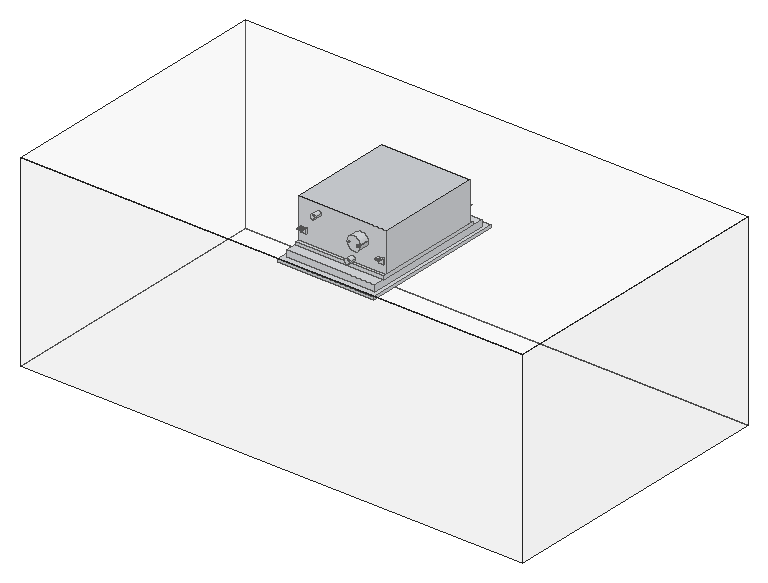
Revit family "plfy-p22_140lmg7_60Hz", category 機械設備, Revit 2019
Family settings
  丸型コネクタ寸法 = 直径を使用
  パーツ タイプ = 標準
  OmniClass 番号 = 23.75.10.24.21.27.27
  OmniClass タイトル = Split System Air Conditioning Units
  作業面ベース = いいえ
  常に垂直 = はい
  ロード時にボイドで切り取り = いいえ
  共有 = いいえ
  部屋計算ポイント = はい
Parameters (values of type "PLFY-P22LMG7")
  風量（弱）（m3／min） = 6.5
  風量（中2）（m3／min） = 7.5
  風量（中1）（m3／min） = 8.5
  風量（m3／min） = 9.5
  風量 = MAX風量  # 570.0 m³/h
  音響パワーレベル（弱）(dB) = 49
  音響パワーレベル（中2）(dB) = 51
  音響パワーレベル（中1）(dB) = 52
  音響パワーレベル(dB) = 53
  電源種別 = ""
  電源_H = 0 mm
  電圧_電気ヒーター = 0 V
  電圧 = 200 V
  電動機出力_送風機 = 0.05 kW
  運転質量 = 0.00 kg
  連動 = ""
  質量 = if(製品質量 > 運転質量, 製品質量, 運転質量) * 1.2  # 24.00 kg
  負荷分類 = 3_ファン類
  説明 = "ビル用マルチエアコン 天井カセット形(2方向吹出)室内機"
  設計暖房能力 = 0.00 kW
  設計冷房能力_顕熱 = 0 kW
  設計冷房能力 = 0 kW
  設置方法 = "カセット形"
  記号 = ""
  製造元 = "三菱電機株式会社"
  製品質量 = 20.00 kg
  製品出荷対象 = "国内"
  製品リリース年月 = "2020/7/22"
  製品グループ = ""
  系統 = ""
  符号 = "ACP_CK2"
  積算_科目 = "1 空気調和設備"
  積算_拾い区分 [instance] = ""
  相_電気ヒーター = 1
  相 = 1
  盤記号 = ""
  発停方法 = "付属スイッチ"
  特殊仕様 = ""
  火災停止 = ""
  消費電力_電気ヒーター = 0.00 kW
  消費電力_暖房 = 0.03 kW
  消費電力_加湿器 = 0.00 kW
  消費電力_冷房 = 0.03 kW
  消費電力 = if(消費電力_冷房 > 消費電力_暖房, 消費電力_冷房, 消費電力_暖房) + 消費電力_加湿器 + 消費電力_電気ヒーター  # 0.03 kW
  法定耐用年数 = "15"
  機外静圧 = 0.0 Pa
  極数 = 3
  材質 = ""
  本体マテリアル = none
  有効加湿量 = 0
  暖房能力 = 2.50 kW
  推奨ブレーカー容量 = 15 A
  形式_加湿器 = ""
  形式 = "カセット形（2方向吹出形）"
  幹線記号 = ""
  始動方式 = ""
  呼称 = "室内機_カセット形(2方向吹出形)"
  周波数 = 60 Hz
  吊り位置Y = 824 mm
  吊り位置X = 574 mm
  吊りボルト_H = 167 mm
  台数_手元リモコン = ""
  台数_冷媒分岐ユニット = ""
  参照している仕様書等のバージョン = "公共建築工事標準仕様書（機械設備工事編）平成31年度版"
  加湿給水管径 = 0 mm
  分類コード = "50053003221020"
  分類グループ = ""
  冷房能力 = 2.2 kW
  冷媒高低圧ガス管径 = 0 mm
  冷媒管径符号 = "Ac"
  冷媒管径 = 100 mm
  冷媒液管高さ = 235 mm
  冷媒液管長さ = 67 mm
  冷媒液管径 = 6.35 mm
  冷媒ガス管高さ = 235 mm
  冷媒ガス管長さ = 78 mm
  冷媒ガス管径 = 12.7 mm
  企業コード = "108420"
  付属品_フィルター = ""
  付属品 = ""
  仕様書バージョン = "Version1.0"
  モデル = "PLFY-P22LMG7"
  パネルマテリアル = none
  ドレン管高さ = 297 mm
  ドレン管径 = 32 mm
  サービススペース = yes
  コメント [instance] = ""
  ケーブル種類 = ""
  ケーブルサイズ = 1.6 mm
  Width = 650 mm
  Version = ""
  Uniclass2015Version = "Systems v1.9"
  Uniclass2015Title = "Split coil remote air cooled condensing units"
  Uniclass2015Code = "Pr_70_65_03_84"
  URL = "https://www.mitsubishielectric.co.jp/ldg/wink/ssl/displayProduct.do?pid=307542"
  SpecificationReference = ""
  SpecificationDescription = ""
  S_H = 364 mm
  Revision = ""
  ProductInformation = ""
  OmniClassCode = "23-751024212727"
  MIN風量 = 風量（弱）（m3／min） * 60.0 m³/h  # 390.0 m³/h
  MID風量2 = 風量（中2）（m3／min） * 60.0 m³/h  # 450.0 m³/h
  MID風量 = 風量（中1）（m3／min） * 60.0 m³/h  # 510.0 m³/h
  MAX風量 = 風量（m3／min） * 60.0 m³/h  # 570.0 m³/h
  IfcTypeProduct = ""
  IfcProduct = ""
  IfcExportType = "AIRCONDITIONINGUNIT"
  IfcExportAs = "IfcUnitaryEquipmentType"
  Height = 290 mm
  Depth = 770 mm
  Clearance Top = 357 mm
  Clearance Right = 1500 mm
  Clearance Left = 1500 mm
  Clearance Front = 500 mm
  Clearance Bottom = 1000 mm
  Clearance Back = 500 mm
  Author = "三菱電機株式会社"
Types (11, lengths in mm): name | 風量（弱）（m3／min） | 風量（中2）（m3／min） | 風量（中1）（m3／min） | 風量（m3／min） | 風量 | 音響パワーレベル（弱）(dB) | 音響パワーレベル（中2）(dB) | 音響パワーレベル（中1）(dB) | 音響パワーレベル(dB) | 電動機出力_送風機 | 質量 | 製品質量 | 消費電力_暖房 | 消費電力_冷房 | 消費電力 | 暖房能力 | 吊り位置Y | 冷房能力 | 冷媒管径符号 | 冷媒液管長さ | 冷媒液管径 | 冷媒ガス管長さ | 冷媒ガス管径 | モデル | URL | S_H | MIN風量 | MID風量2 | MID風量 | MAX風量 | Height | Depth | Clearance Top
  (no name) | 6.5 | 7.5 | 8.5 | 9.5 | 570.0 m³/h | 49 | 51 | 52 | 53 | 0.05 kW | 24.00 kg | 20.00 kg | 0.03 kW | 0.03 kW | 0.03 kW | 2.50 kW | 824 | 2.2 kW | "Ac" | 67 | 6.35 | 78 | 12.7 | "PLFY-P22LMG7" | "https://www.mitsubishielectric.co.jp/ldg/wink/ssl/displayProduct.do?pid=307542" | 364 | 390.0 m³/h | 450.0 m³/h | 510.0 m³/h | 570.0 m³/h | 290 | 770 | 357
  PLFY-P22LMG7 | 6.5 | 7.5 | 8.5 | 9.5 | 570.0 m³/h | 49 | 51 | 52 | 53 | 0.05 kW | 24.00 kg | 20.00 kg | 0.03 kW | 0.03 kW | 0.03 kW | 2.50 kW | 824 | 2.2 kW | "Ac" | 67 | 6.35 | 78 | 12.7 | "PLFY-P22LMG7" | "https://www.mitsubishielectric.co.jp/ldg/wink/ssl/displayProduct.do?pid=307542" | 364 | 390.0 m³/h | 450.0 m³/h | 510.0 m³/h | 570.0 m³/h | 290 | 770 | 357
  PLFY-P28LMG7 | 6.5 | 7.5 | 8.5 | 9.5 | 570.0 m³/h | 49 | 51 | 52 | 53 | 0.05 kW | 24.00 kg | 20.00 kg | 0.03 kW | 0.03 kW | 0.03 kW | 3.20 kW | 824 | 2.8 kW | "Ac" | 67 | 6.4 | 78 | 12.7 | "PLFY-P28LMG7" | "https://www.mitsubishielectric.co.jp/ldg/wink/ssl/displayProduct.do?pid=307511" | 364 | 390.0 m³/h | 450.0 m³/h | 510.0 m³/h | 570.0 m³/h | 290 | 770 | 357
  PLFY-P36LMG7 | 6.5 | 8 | 9 | 10 | 600.0 m³/h | 50 | 51 | 52 | 53 | 0.05 kW | 25.20 kg | 21.00 kg | 0.03 kW | 0.03 kW | 0.03 kW | 4.00 kW | 824 | 3.6 kW | "Ac" | 67 | 6.4 | 78 | 12.7 | "PLFY-P36LMG7" | "https://www.mitsubishielectric.co.jp/ldg/wink/ssl/displayProduct.do?pid=307543" | 364 | 390.0 m³/h | 480.0 m³/h | 540.0 m³/h | 600.0 m³/h | 290 | 770 | 357
  PLFY-P45LMG7 | 7 | 8.5 | 9.5 | 10.5 | 630.0 m³/h | 51 | 54 | 55 | 56 | 0.05 kW | 25.20 kg | 21.00 kg | 0.04 kW | 0.04 kW | 0.04 kW | 5.00 kW | 824 | 4.5 kW | "Ac" | 67 | 6.4 | 78 | 12.7 | "PLFY-P45LMG7" | "https://www.mitsubishielectric.co.jp/ldg/wink/ssl/displayProduct.do?pid=307544" | 364 | 420.0 m³/h | 510.0 m³/h | 570.0 m³/h | 630.0 m³/h | 290 | 770 | 357
  PLFY-P56LMG7 | 9 | 11 | 12 | 13 | 780.0 m³/h | 53 | 55 | 56 | 57 | 0.05 kW | 28.80 kg | 24.00 kg | 0.05 kW | 0.05 kW | 0.05 kW | 6.30 kW | 994 | 5.6 kW | "Ac" | 67 | 6.4 | 78 | 12.7 | "PLFY-P56LMG7" | "https://www.mitsubishielectric.co.jp/ldg/wink/ssl/displayProduct.do?pid=307512" | 364 | 540.0 m³/h | 660.0 m³/h | 720.0 m³/h | 780.0 m³/h | 290 | 940 | 357
  PLFY-P71LMG7 | 10.5 | 12.5 | 15 | 16.5 | 990.0 m³/h | 55 | 58 | 59 | 60 | 0.05 kW | 31.20 kg | 26.00 kg | 0.07 kW | 0.07 kW | 0.07 kW | 8.00 kW | 994 | 7.1 kW | "Bd" | 67 | 9.5 | 78 | 15.9 | "PLFY-P71LMG7" | "https://www.mitsubishielectric.co.jp/ldg/wink/ssl/displayProduct.do?pid=307545" | 364 | 630.0 m³/h | 750.0 m³/h | 900.0 m³/h | 990.0 m³/h | 290 | 940 | 357
  PLFY-P80LMG7 | 13.5 | 15 | 16.5 | 19 | 1140.0 m³/h | 56 | 58 | 59 | 60 | 0.10 kW | 49.20 kg | 41.00 kg | 0.06 kW | 0.06 kW | 0.06 kW | 9.00 kW | 1494 | 8 kW | "Bd" | 71 | 9.5 | 83 | 15.9 | "PLFY-P80LMG7" | "https://www.mitsubishielectric.co.jp/ldg/wink/ssl/displayProduct.do?pid=307546" | 405 | 810.0 m³/h | 900.0 m³/h | 990.0 m³/h | 1140.0 m³/h | 331 | 1440 | 398
  PLFY-P90LMG7 | 15.5 | 18 | 20 | 22.5 | 1350.0 m³/h | 57 | 59 | 60 | 61 | 0.10 kW | 49.20 kg | 41.00 kg | 0.08 kW | 0.08 kW | 0.08 kW | 10.00 kW | 1494 | 9 kW | "Bd" | 71 | 9.5 | 83 | 15.9 | "PLFY-P90LMG7" | "https://www.mitsubishielectric.co.jp/ldg/wink/ssl/displayProduct.do?pid=307513" | 405 | 930.0 m³/h | 1080.0 m³/h | 1200.0 m³/h | 1350.0 m³/h | 331 | 1440 | 398
  PLFY-P112LMG7 | 18 | 20 | 23.5 | 26 | 1560.0 m³/h | 59 | 61 | 62 | 63 | 0.10 kW | 54.00 kg | 45.00 kg | 0.10 kW | 0.10 kW | 0.10 kW | 12.50 kW | 1494 | 11.2 kW | "Bd" | 71 | 9.5 | 83 | 15.9 | "PLFY-P112LMG7" | "https://www.mitsubishielectric.co.jp/ldg/wink/ssl/displayProduct.do?pid=307547" | 405 | 1080.0 m³/h | 1200.0 m³/h | 1410.0 m³/h | 1560.0 m³/h | 331 | 1440 | 398
  PLFY-P140LMG7 | 23 | 26.5 | 28.5 | 31.5 | 1890.0 m³/h | 63 | 64 | 67 | 69 | 0.24 kW | 56.40 kg | 47.00 kg | 0.20 kW | 0.20 kW | 0.20 kW | 16.00 kW | 1494 | 14 kW | "Bd" | 71 | 9.5 | 83 | 15.9 | "PLFY-P140LMG7" | "https://www.mitsubishielectric.co.jp/ldg/wink/ssl/displayProduct.do?pid=307548" | 405 | 1380.0 m³/h | 1590.0 m³/h | 1710.0 m³/h | 1890.0 m³/h | 331 | 1440 | 398
Reference planes
  plane 1 "中心(正面/背面)": y = 0
  plane 2: z = 0
  plane 3 "中心(左/右)": x = 0
  plane 4: x = -355
  plane 5: x = 355
  plane 6: y = 540
  plane 7: y = -540
  plane 8: z = 357
  plane 9: z = 364
  plane 10: x = -287
  plane 11: x = 287
  plane 12: y = 412
  plane 13: y = -412
  plane 14: z = 67
  plane 15: y = 385
  plane 16: y = -385
  plane 17: x = -325
  plane 18: x = 325
  plane 19: x = -1855
  plane 20: x = 1855
  plane 21: y = 1040
  plane 22: y = -1040
  plane 23: z = 357
  plane 24: z = -20
  plane 25: z = -1020
Dimensions and locks
  equal spacing: plane 4, plane 3 "中心(左/右)", plane 5
  plane 4 to plane 5 = 710 mm
  equal spacing: plane 7, plane 1 "中心(正面/背面)", plane 6
  plane 7 to plane 6 = 1080 mm
  locked: plane 12 to plane 6 at 128
  plane 7 to plane 13 = 128 mm
  plane 4 to plane 10 = 68 mm
  plane 11 to plane 5 = 68 mm
  "S_H": plane 9 to level
  "吊り位置X": plane 10 to plane 11
  equal spacing: plane 10, plane 3 "中心(左/右)", plane 11
  equal spacing: plane 13, plane 1 "中心(正面/背面)", plane 12
  "吊り位置Y": plane 13 to plane 12
  equal spacing: plane 16, plane 1 "中心(正面/背面)", plane 15
  "Depth": plane 16 to plane 15
  equal spacing: plane 17, plane 3 "中心(左/右)", plane 18
  "Width": plane 17 to plane 18
  locked: plane 14 to level at 67
  "Height": plane 8 to plane 14
  "Clearance Left": plane 19 to plane 4
  "Clearance Right": plane 5 to plane 20
  "Clearance Back": plane 6 to plane 21
  "Clearance Front": plane 22 to plane 7
  locked: level to plane 24 at 20
  "Clearance Bottom": plane 24 to plane 25
  "Clearance Top": plane 23 to level
  aligned and locked: level to plane 2
  aligned and locked: plane 10 to nested 2
  aligned and locked: plane 11 to nested 2
  aligned and locked: nested 2 to plane 12
  aligned and locked: plane 13 to nested 2
  aligned and locked: plane 1 "中心(正面/背面)" to nested 3
  aligned and locked: nested 3 to plane 3 "中心(左/右)"
  aligned and locked: plane 19 to nested 1
  aligned and locked: plane 20 to nested 1
  aligned and locked: nested 1 to plane 22
  aligned and locked: nested 1 to plane 21
  aligned and locked: plane 23 to nested 1
  aligned and locked: plane 25 to nested 1
Nested families
  nested 1: "サービススペース" at (0, 0, -331.5), visible <- "サービススペース", type "サービススペース"
    with Width 3710 mm, Height 1377 mm, Depth 2080 mm
  nested 2: "固定点" at (-287, -412, 0), type "固定点"
    with W 574 mm, D 824 mm
  nested 3: "PLFY-P○○○LMG7" at (0, 0, 0) x (0, -1, 0) z (0, 0, 1), type "PLFY-P○○○LMG7"
    with ユニット表示 yes, ドレン配管サイズ 32 mm
Connectors
  piping at (138, -452, 235), diameter 100, driven by "冷媒管径", driven by "冷媒管径符号"
    settings: on nested 3, index 1, connector inside diameter 609.6 mm, connector length 0 mm, flow factor 0, pipe flow 0.0 L/s, pressure drop 0.0 Pa, fitting loss kfactor 0, connector angle 0.00°, fixture units 0, engagement length 0 mm, angle of deflection 0.00°, flow configuration 0, flow direction 1, fitting loss method 4, system type 7, joint type 0, gender type 0, connector reference index -1, connector utility 0, adjustable connector no, is connector primary yes, connector description "Ac"
  piping at (-175, -442, 297), diameter 32, driven by "ドレン管径"
    settings: on nested 3, index 2, connector inside diameter 609.6 mm, connector length 0 mm, flow factor 0, pipe flow 0.0 L/s, pressure drop 0.0 Pa, fitting loss kfactor 0, connector angle 0.00°, fixture units 0, engagement length 0 mm, angle of deflection 0.00°, flow configuration 0, flow direction 2, fitting loss method 4, system type 16, joint type 0, gender type 0, connector reference index -1, connector utility 0, adjustable connector no, is connector primary no, connector description ""
  electrical at (75, -435, 85), driven by "極数", driven by "負荷分類", driven by "電圧", driven by "消費電力"
    settings: on nested 3, index 3, voltage 200 V, apparent load 30 VA, apparent load phase1 0 VA, apparent load phase2 0 VA, apparent load phase3 0 VA, power factor 1, load classification "3_ファン類", number of poles 3, system type 30, power factor state 1, is connector primary yes, connector utility no, sub classification motor no, connector description ""
Definition of nested family "サービススペース"
  Parameters (values of type "サービススペース")
    Width [instance] = 500 mm
    Height [instance] = 500 mm
    Depth [instance] = 500 mm
  Reference planes
    plane 1 "中心(正面/背面)": y = 0
    plane 2: z = 0
    plane 3 "中心(左/右)": x = 0
    plane 4: y = -250
    plane 5: x = 250
    plane 6: y = 250
    plane 7: x = -250
    plane 8: z = 250
    plane 9: z = -250
  Forms (mm)
    Extrusion 1, solid
      sketch origin (-638.939, 0, 72.39) x (1, 0, 0) y (0, 1, 0)
        loop
          line (388.939, 250) -> (388.939, -250) -> (888.939, -250) -> (888.939, 250) -> (388.939, 250)
      from -322.39 to 177.61
  Lines and regions (mm)
    symbolic lines
      curve 1: line (-250, 0, 250) -> (250, 0, 250)
      curve 2: line (-250, 0, -250) -> (-250, 0, 250)
      curve 3: line (250, 0, -250) -> (-250, 0, -250)
      curve 4: line (250, 0, 250) -> (250, 0, -250)
      curve 5: line (0, -250, 250) -> (0, 250, 250)
      curve 6: line (0, -250, -250) -> (0, -250, 250)
      curve 7: line (0, 250, -250) -> (0, -250, -250)
      curve 8: line (0, 250, 250) -> (0, 250, -250)
      curve 9: line (-250, 250, 0) -> (250, 250, 0)
      curve 10: line (-250, -250, 0) -> (-250, 250, 0)
      curve 11: line (250, -250, 0) -> (-250, -250, 0)
      curve 12: line (250, 250, 0) -> (250, -250, 0)
  Dimensions and locks
    equal spacing: plane 7, plane 3 "中心(左/右)", plane 5
    equal spacing: plane 4, plane 1 "中心(正面/背面)", plane 6
    "Depth": plane 4 to plane 6
    "Width": plane 7 to plane 5
    equal spacing: plane 8, plane 2, plane 9
    "Height": plane 8 to plane 9
    aligned and locked: plane 9 to curve 3
    aligned and locked: plane 7 to curve 2
    aligned and locked: curve 4 to plane 5
    aligned and locked: plane 5 to Extrusion 1
    aligned and locked: Extrusion 1 to plane 7
    aligned and locked: Extrusion 1 to plane 9
    aligned and locked: plane 8 to Extrusion 1
    aligned and locked: plane 9 to curve 7
  Automatic sketch dimensions
    plane 4 to Extrusion 1 sketch curve = 0 mm
    Extrusion 1 sketch curve to plane 7 = 0 mm
    Extrusion 1 sketch curve to plane 5 = 0 mm
    plane 6 to Extrusion 1 sketch curve = 0 mm
    curve 2 to plane 8 = 0 mm
    plane 4 to curve 11 = 0 mm
    curve 11 to plane 7 = 0 mm
    curve 11 to plane 5 = 0 mm
    plane 6 to curve 10 = 0 mm
    curve 7 to plane 4 = 0 mm
    curve 7 to plane 6 = 0 mm
    curve 6 to plane 8 = 0 mm
Definition of nested family "PLFY-P○○○LMG7"
  Parameters (values of type "PLFY-P○○○LMG7")
    配線取出口サイズ = 36 mm
    配線取出口-Z = 85 mm
    配線取出口-Y = 250 mm
    配線取出口-X = 50 mm
    液配管サイズ = 6.35 mm
    A = 幅さ + 310 mm  # 1080 mm
    高さ = 290 mm
    奥行き = 650 mm
    吊りボルト_H = 167 mm
    冷媒配管 = 100 mm
    冷媒液管径-Z = 235 mm
    冷媒液管径-Y = 222 mm
    冷媒液管径-X = 67 mm
    冷媒ガス管径-Z = 235 mm
    冷媒ガス管径-Y = 152 mm
    冷媒ガス管径-X = 78 mm
    ユニット表示 [instance] = yes
    ボルトピッチ = 574 mm
    ドレン配管サイズ = 25 mm
    ドレン管径-Z = 297 mm
    ドレン管径-Y = 500 mm
    ドレン管径-X = 57 mm
    ガス配管サイズ = 12.7 mm
    D = 幅さ + 54 mm  # 824 mm
    幅さ = 770 mm
    B = 幅さ + 270 mm  # 1040 mm
  Reference planes
    plane 1 "中心(正面/背面)": y = 0
    plane 2: z = 0
    plane 3 "中心(左/右)": x = 0
    plane 4: x = -540
    plane 5: x = 540
    plane 6: y = 355
    plane 7: y = -355
    plane 8: z = 357
    plane 9: z = -20
    plane 10: x = -385
    plane 11: x = 385
    plane 12: y = 325
    plane 13: y = -325
    plane 14: z = 45
    plane 15: x = -520
    plane 16: x = 520
    plane 17: x = 412
    plane 18: x = -412
    plane 19: z = 67
    plane 20: x = 490
    plane 21: x = -490
    plane 22: y = 287
    plane 23: y = -287
    plane 24: x = 463
    plane 25: y = 173
    plane 26: z = 235
    plane 27: x = 452
    plane 28: y = 103
    plane 29: x = 442
    plane 30: y = -175
    plane 31: z = 297
    plane 32: z = 364
    plane 33: y = 50
    plane 34: x = 435
    plane 35: y = 75
    plane 36: z = 85
    plane 37: z = 167
    plane 38: z = 165
    plane 39: z = 125
    plane 40: y = 307
    plane 41: y = 267
    plane 42: y = -267
    plane 43: y = -307
    plane 44: y = 292
    plane 45: y = 282
    plane 46: y = -282
    plane 47: y = -292
    plane 48: x = -425
    plane 49: x = 425
    plane 50: x = -387
    plane 51: x = 387
  Forms (mm)
    Extrusion 1, solid, visible <- "ユニット表示", detail levels fine
      sketch origin (0, 0, 0) x (1, 0, 0) y (0, 1, 0)
        loop
          line (-385, 325) -> (-385, -325) -> (385, -325) -> (385, 325) -> (-385, 325)
      from 67 to 357
    Extrusion 2, solid, visible <- "ユニット表示", detail levels fine
      sketch origin (-1437.329, -1524, 45) x (-1, 0, 0) y (0, -1, 0)
        loop
          line (-1025.329, -1849) -> (-1025.329, -1199) -> (-1849.329, -1199) -> (-1849.329, -1849) -> (-1025.329, -1849)
      from 0 to 22
    Extrusion 3, solid, visible <- "ユニット表示", detail levels fine
      sketch origin (-1437.329, -1524, 45) x (-1, 0, 0) y (0, -1, 0)
        loop
          line (-947.329, -1849) -> (-947.329, -1199) -> (-1927.329, -1199) -> (-1927.329, -1849) -> (-947.329, -1849)
      from 0 to -45
    Extrusion 4, solid, visible <- "ユニット表示", detail levels fine
      sketch origin (385, 1296.25, 1200) x (0, 1, 0) y (0, 0, 1)
        loop
          circle (-1123.25, -965) r 6.35
      from 0 to 78
    Extrusion 5, solid, visible <- "ユニット表示", detail levels fine
      sketch origin (385, 1296.25, 1200) x (0, 1, 0) y (0, 0, 1)
        loop
          circle (-1193.25, -965) r 3.175
      from 0 to 67
    Extrusion 6, solid, visible <- "ユニット表示", detail levels fine
      sketch origin (385, 1296.25, 1200) x (0, 1, 0) y (0, 0, 1)
        loop
          circle (-1471.25, -903) r 12.5
      from 0 to 57
    Extrusion 7, solid, visible <- "ユニット表示", detail levels fine
      sketch origin (385, 1296.25, 1200) x (0, 1, 0) y (0, 0, 1)
        loop
          circle (-1221.25, -1115) r 18
      from 0 to 50
    Extrusion 8, solid, visible <- "ユニット表示", detail levels fine
      sketch origin (385, 1296.25, 1200) x (0, 1, 0) y (0, 0, 1)
        loop
          circle (-1158.25, -965) r 50
      from 0 to 67
    Extrusion 9, solid, visible <- "ユニット表示"
      sketch origin (0, 0, 0) x (1, 0, 0) y (0, 1, 0)
        loop
          line (-540, 355) -> (-540, -355) -> (540, -355) -> (540, 355) -> (-540, 355)
      from 0 to -20
    Extrusion 10, solid, visible <- "ユニット表示", detail levels fine
      sketch origin (0, 0, 0) x (1, 0, 0) y (0, 1, 0)
        loop
          line (-407, 292) -> (-407, 282)
          arc (-407, 282) -> (-412, 277) -> (-417, 282) r 5
          line (-417, 282) -> (-425, 282) -> (-425, 267) -> (-385, 267) -> (-385, 307) -> (-425, 307) -> (-425, 292) -> (-417, 292)
          arc (-417, 292) -> (-412, 297) -> (-407, 292) r 5
        loop
          arc (407, 292) -> (412, 297) -> (417, 292) r 5
          line (417, 292) -> (425, 292) -> (425, 307) -> (385, 307) -> (385, 267) -> (425, 267) -> (425, 282) -> (417, 282)
          arc (417, 282) -> (412, 277) -> (407, 282) r 5
          line (407, 282) -> (407, 292)
        loop
          line (407, -292) -> (407, -282)
          arc (407, -282) -> (412, -277) -> (417, -282) r 5
          line (417, -282) -> (425, -282) -> (425, -267) -> (385, -267) -> (385, -307) -> (425, -307) -> (425, -292) -> (417, -292)
          arc (417, -292) -> (412, -297) -> (407, -292) r 5
        loop
          arc (-407, -292) -> (-412, -297) -> (-417, -292) r 5
          line (-417, -292) -> (-425, -292) -> (-425, -307) -> (-385, -307) -> (-385, -267) -> (-425, -267) -> (-425, -282) -> (-417, -282)
          arc (-417, -282) -> (-412, -277) -> (-407, -282) r 5
          line (-407, -282) -> (-407, -292)
      from 165 to 167
    Extrusion 11, solid, visible <- "ユニット表示", detail levels fine
      sketch origin (0, 0, 0) x (1, 0, 0) y (0, 1, 0)
        loop
          line (-387, 307) -> (-387, 267) -> (-385, 267) -> (-385, 307) -> (-387, 307)
        loop
          line (385, 307) -> (385, 267) -> (387, 267) -> (387, 307) -> (385, 307)
        loop
          line (385, -267) -> (385, -307) -> (387, -307) -> (387, -267) -> (385, -267)
        loop
          line (-387, -267) -> (-387, -307) -> (-385, -307) -> (-385, -267) -> (-387, -267)
      from 125 to 165
  Dimensions and locks
    equal spacing: plane 7, plane 1 "中心(正面/背面)", plane 6
    plane 7 to plane 6 = 710 mm
    equal spacing: plane 4, plane 3 "中心(左/右)", plane 5
    "A": plane 4 to plane 5
    locked: level to plane 9 at 20
    equal spacing: plane 13, plane 1 "中心(正面/背面)", plane 12
    "奥行き": plane 13 to plane 12
    equal spacing: plane 10, plane 3 "中心(左/右)", plane 11
    "幅さ": plane 10 to plane 11
    locked: plane 14 to level at 45
    equal spacing: plane 15, plane 3 "中心(左/右)", plane 16
    "B": plane 15 to plane 16
    equal spacing: plane 18, plane 3 "中心(左/右)", plane 17
    "D": plane 18 to plane 17
    locked: plane 19 to plane 14 at 22
    locked: plane 15 to plane 21 at 30
    locked: plane 20 to plane 16 at 30
    equal spacing: plane 23, plane 1 "中心(正面/背面)", plane 22
    "ボルトピッチ": plane 23 to plane 22
    "冷媒ガス管径-X": plane 11 to plane 24
    "冷媒ガス管径-Y": plane 25 to plane 12
    "冷媒液管径-X": plane 11 to plane 27
    "冷媒液管径-Y": plane 28 to plane 12
    "ドレン管径-X": plane 11 to plane 29
    "ドレン管径-Y": plane 30 to plane 12
    plane 32 to plane 8 = 7 mm
    "配線取出口-X": plane 11 to plane 34
    "配線取出口-Y": plane 35 to plane 12
    "配線取出口-Z": plane 36 to level
    "ドレン管径-Z": plane 31 to level
    "冷媒ガス管径-Z": plane 26 to level
    locked: plane 38 to plane 39 at 40
    locked: plane 37 to plane 38 at 2
    "吊りボルト_H": plane 37 to level
    plane 43 to plane 23 to plane 42 = 20 mm locked, 20 mm locked
    plane 41 to plane 22 to plane 40 = 20 mm locked, 20 mm locked
    plane 47 to plane 23 to plane 46 = 5 mm locked, 5 mm locked
    plane 45 to plane 22 to plane 44 = 5 mm locked, 5 mm locked
    locked: plane 48 to plane 10 at 40
    locked: plane 11 to plane 49 at 40
    locked: plane 11 to plane 51 at 2
    locked: plane 50 to plane 10 at 2
    "高さ": plane 8 to plane 19
    "ガス配管サイズ": diameter of Extrusion 4 sketch curve
    "液配管サイズ": diameter of Extrusion 5 sketch curve
    "ドレン配管サイズ": diameter of Extrusion 6 sketch curve
    "配線取出口サイズ": diameter of Extrusion 7 sketch curve
    "冷媒配管": diameter of Extrusion 8 sketch curve
    aligned and locked: level to plane 2
    aligned and locked: plane 12 to Extrusion 1 sketch curve
    aligned and locked: plane 10 to Extrusion 1 sketch curve
    aligned and locked: Extrusion 1 sketch curve to plane 13
    aligned and locked: Extrusion 1 sketch curve to plane 11
    aligned and locked: plane 8 to Extrusion 1
    aligned and locked: plane 12 to Extrusion 2 sketch curve
    aligned and locked: plane 18 to Extrusion 2 sketch curve
    aligned and locked: Extrusion 2 sketch curve to plane 13
    aligned and locked: Extrusion 2 sketch curve to plane 17
    aligned and locked: plane 19 to Extrusion 2
    aligned and locked: Extrusion 1 to Extrusion 2
    aligned and locked: plane 12 to Extrusion 3 sketch curve
    aligned and locked: plane 21 to Extrusion 3 sketch curve
    aligned and locked: Extrusion 3 sketch curve to plane 13
    aligned and locked: Extrusion 3 sketch curve to plane 20
    aligned and locked: Extrusion 3 to level
    aligned and locked: plane 14 to Extrusion 3
    aligned and locked: plane 26 to Extrusion 4 sketch curve
    aligned and locked: plane 25 to Extrusion 4 sketch curve
    aligned and locked: Extrusion 4 to plane 11
    aligned and locked: plane 24 to Extrusion 4
    aligned and locked: plane 26 to Extrusion 5 sketch curve
    aligned and locked: plane 28 to Extrusion 5 sketch curve
    aligned and locked: plane 27 to Extrusion 5
    aligned and locked: Extrusion 5 to plane 11
    aligned and locked: plane 31 to Extrusion 6 sketch curve
    aligned and locked: plane 30 to Extrusion 6 sketch curve
    aligned and locked: Extrusion 6 to plane 11
    aligned and locked: plane 29 to Extrusion 6
    aligned and locked: plane 36 to Extrusion 7 sketch curve
    aligned and locked: plane 35 to Extrusion 7 sketch curve
    aligned and locked: Extrusion 7 to plane 11
    aligned and locked: plane 34 to Extrusion 7
    aligned and locked: plane 26 to Extrusion 8 sketch curve
    aligned and locked: Extrusion 8 to plane 11
    aligned and locked: plane 27 to Extrusion 8
    aligned and locked: level to Extrusion 9
    aligned and locked: Extrusion 9 to plane 9
    aligned and locked: Extrusion 10 sketch curve to plane 10
    aligned and locked: plane 37 to Extrusion 10
    aligned and locked: Extrusion 10 to plane 38
    aligned and locked: plane 40 to Extrusion 10 sketch curve
    aligned and locked: plane 48 to Extrusion 10 sketch curve  (x2)
    aligned and locked: Extrusion 10 sketch curve to plane 41
    aligned and locked: Extrusion 10 sketch curve to plane 45
    aligned and locked: Extrusion 10 sketch curve to plane 44
    aligned and locked: plane 44 to Extrusion 10 sketch curve  (x3)
    aligned and locked: plane 45 to Extrusion 10 sketch curve  (x3)
    aligned and locked: plane 18 to Extrusion 10 sketch curve  (x4)
    aligned and locked: plane 10 to Extrusion 10 sketch curve
    aligned and locked: Extrusion 10 sketch curve to plane 42
    aligned and locked: plane 43 to Extrusion 10 sketch curve
    aligned and locked: plane 47 to Extrusion 10 sketch curve  (x3)
    aligned and locked: plane 46 to Extrusion 10 sketch curve  (x3)
    aligned and locked: Extrusion 10 sketch curve to plane 46
    aligned and locked: Extrusion 10 sketch curve to plane 47
    aligned and locked: Extrusion 10 sketch curve to plane 48  (x2)
    aligned and locked: plane 11 to Extrusion 10 sketch curve
    aligned and locked: Extrusion 10 sketch curve to plane 49  (x2)
    aligned and locked: plane 17 to Extrusion 10 sketch curve  (x4)
    aligned and locked: Extrusion 10 sketch curve to plane 43
    aligned and locked: plane 42 to Extrusion 10 sketch curve
    aligned and locked: plane 49 to Extrusion 10 sketch curve  (x2)
    aligned and locked: plane 41 to Extrusion 10 sketch curve
    aligned and locked: Extrusion 10 sketch curve to plane 11
    aligned and locked: Extrusion 10 sketch curve to plane 40
    aligned and locked: plane 40 to Extrusion 11 sketch curve
    aligned and locked: plane 50 to Extrusion 11 sketch curve  (x2)
    aligned and locked: Extrusion 11 sketch curve to Extrusion 10  (x8)
    aligned and locked: Extrusion 11 sketch curve to plane 41
    aligned and locked: Extrusion 11 sketch curve to plane 51  (x2)
    aligned and locked: Extrusion 11 sketch curve to plane 43
    aligned and locked: plane 42 to Extrusion 11 sketch curve
    aligned and locked: Extrusion 11 to Extrusion 10
    aligned and locked: Extrusion 11 to plane 39
  Automatic sketch dimensions
    Extrusion 9 sketch curve to plane 4 = 0 mm
    Extrusion 9 sketch curve to plane 5 = 0 mm
    plane 7 to Extrusion 9 sketch curve = 0 mm
    plane 6 to Extrusion 9 sketch curve = 0 mm
    Extrusion 10 sketch curve to plane 18 = 5 mm  (x2)
    Extrusion 10 sketch curve to plane 17 = 5 mm  (x2)
    plane 25 to Extrusion 8 sketch curve = 35 mm
Definition of nested family "固定点"
  Parameters (values of type "固定点")
    中心円 = 20 mm
    W [instance] = 1000 mm
    D [instance] = 1000 mm
  Reference planes
    plane 1 "中心(正面/背面)": y = 0
    plane 2: z = 0
    plane 3 "中心(左/右)": x = 0
    plane 4: x = 1000
    plane 5: y = 1000
  Lines and regions (mm)
    symbolic lines, detail levels fine
      curve 1: circle (0, 1000, 0) r 10 normal (0, 0, 1)
      curve 2: circle (0, 0, 0) r 10 normal (0, 0, 1)
      curve 3: circle (1000, 1000, 0) r 10 normal (0, 0, 1)
      curve 4: circle (1000, 0, 0) r 10 normal (0, 0, 1)
      curve 5: line (-200, 1000, 0) -> (1200, 1000, 0)
      curve 6: line (-200, 0, 0) -> (1200, 0, 0)
      curve 7: line (0, 1200, 0) -> (0, -200, 0)
      curve 8: line (1000, 1200, 0) -> (1000, -200, 0)
  Dimensions and locks
    "W": plane 3 "中心(左/右)" to plane 4
    "D": plane 1 "中心(正面/背面)" to plane 5
    "中心円": diameter of curve 1
    "中心円": diameter of curve 2
    "中心円": diameter of curve 3
    "中心円": diameter of curve 4
    aligned and locked: level to plane 2
    aligned and locked: plane 5 to curve 1
    aligned and locked: plane 3 "中心(左/右)" to curve 1
    aligned and locked: plane 3 "中心(左/右)" to curve 2
    aligned and locked: plane 1 "中心(正面/背面)" to curve 2
    aligned and locked: plane 4 to curve 3
    aligned and locked: plane 5 to curve 3
    aligned and locked: plane 1 "中心(正面/背面)" to curve 4
    aligned and locked: plane 4 to curve 4
    aligned and locked: plane 1 "中心(正面/背面)" to curve 6
    aligned and locked: curve 7 to plane 3 "中心(左/右)"
    aligned and locked: curve 8 to plane 4
  Automatic sketch dimensions
    curve 5 to plane 5 = 0 mm
    curve 6 to plane 3 "中心(左/右)" = 200 mm
    curve 5 to plane 3 "中心(左/右)" = 200 mm
    curve 4 to curve 6 = 200 mm
    curve 3 to curve 5 = 200 mm
    plane 1 "中心(正面/背面)" to curve 8 = 200 mm
    plane 1 "中心(正面/背面)" to curve 7 = 200 mm
    curve 3 to curve 8 = 200 mm
    curve 1 to curve 7 = 200 mm
